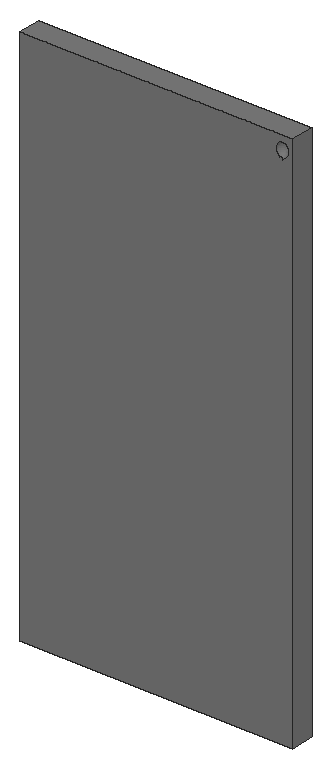
Revit family
Parameters (values of type "2"_2'x4' - Vertical")
  Width = 2' - 0"
  URL = "http://www.acousticalsurfaces.com/echo_eliminator/studio-wall-panel.htm?d=0"
  Type Comments = "Echo Eliminator™ is the most cost effective acoustical absorbing material on the market. It alleviates echoes, reduces reverberation times and improves speech Intelligibility."
  Model = "Echo Eliminator Studio Wall Panel"
  Material = Acoustical Surfaces_Eggcrate - Charcoal
  Manufacturer = "Acoustical Surfaces Inc."
  Keynote = ""
  Height Above Floor = 4' - 0"
  Height = 4' - 0"
  Description = "Acoustical Wall Panel"
  Depth = 0' - 2"
  Cost = 5.5
  CSI No. = "09840"
  Assembly Code = "F1030100"
Types (3): name | Width | URL | Model | Height
  (no name) | 2' - 0" | "http://www.acousticalsurfaces.com/echo_eliminator/studio-wall-panel.htm?d=0" | "Echo Eliminator Studio Wall Panel" | 4' - 0"
  2"_2'x4' - Vertical | 2' - 0" | "http://www.acousticalsurfaces.com/echo_eliminator/studio-wall-panel.htm?d=0" | "Echo Eliminator Studio Wall Panel" | 4' - 0"
  2"_2'x4' - Horizontal | 4' - 0" | "http://www.echoeliminator.com" | "Echo Eliminator" | 2' - 0"
Reference planes (in)
  plane 1: y = 0
  plane 2 "Center (Left/Right)": x = 8
  plane 3 "Back": y = 3
  plane 4: z = 96
  plane 5: z = 48
  plane 6: x = 20
  plane 7: x = -4
  plane 8: z = 72
  plane 9 "Wall Face": y = 3
  plane 10 "Panel Face": y = 5
Forms (in)
  Extrusion 1, solid, material "Acoustical Surfaces_Eggcrate - Charcoal" <- "Material"
    sketch origin (0, 3, 0) x (0, 0, 1) y (-1, 0, 0)
      loop
        line (96, -20) -> (96, 4) -> (48, 4) -> (48, -20) -> (96, -20)
    from 0 to -2
  Revolve 2, void
    sketch origin (0, 3, 0) x (1, 0, 0) y (0, 0, 1)
      loop
        line (19.09188, 95.45942) -> (19.09188, 94.0452)
        arc (19.09188, 94.0452) -> (19.63225, 94.75231) -> (19.09188, 95.45942) r 0.73283
      axis (19.09188, 94.0452) -> (19.09188, 95.45942)
    angle from 0 to 360
Cuts and joins
  Revolve 2 cuts Extrusion 1
Text (in)
  text "Placement Side" at (0, 40.15149, 123.01588), in view "Right"
  text "Placement Side" at (-58.6842, 42.74981, 0), in view "Ref. Level"
  text "Placement Side" at (0, 47.49176, 140.59947), in view "Left"
Dimensions and locks (in)
  locked: plane 3 "Back" to host wall
  "Height Above Floor": level to plane 5
  "Height": plane 5 to plane 4
  "Width": plane 7 to plane 6
  equal spacing: plane 6, plane 2 "Center (Left/Right)", plane 7
  equal spacing: plane 5, plane 8, plane 4
  "Depth": plane 10 "Panel Face" to plane 9 "Wall Face"
  aligned and locked: plane 9 "Wall Face" to host wall
  aligned and locked: Extrusion 1 to plane 10 "Panel Face"
Automatic sketch dimensions
  Extrusion 1 sketch curve to plane 5 = 0' - 0"
  Extrusion 1 sketch curve to plane 4 = 0' - 0"
  Extrusion 1 sketch curve to plane 6 = 0' - 0"
  Extrusion 1 sketch curve to plane 7 = 0' - 0"
  Revolve 2 sketch curve to plane 6 = 0' - 1.10058"
  Revolve 2 sketch curve to Revolve 2 sketch curve = 0' - 0.19246"
  Revolve 2 sketch curve to Revolve 2 sketch curve = 0' - 0"  (x3)
  Revolve 2 sketch curve to plane 4 = 0' - 1.9548"
  Revolve 2 sketch curve to Revolve 2 sketch curve = 0' - 0.70711"
